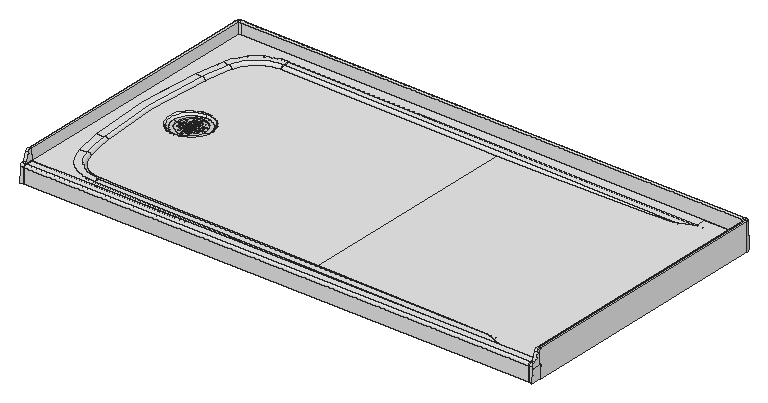
Revit family "Shower-Base-KOHLER-Ballast-K-1937", category Plumbing Fixtures, host Face, Revit 2015
Parameters (values of type "0-White")
  Width = 32"  # constant formula
  Waste Water Outlet = "Waste Water Outlet"  # constant formula
  Waste Connection = 1 = 1  # yes
  Vent Connection = 1 = 0  # no
  URL = "https://www.us.kohler.com/us/"
  Product Page URL = "http://www.us.kohler.com/us/catalog/productDetails.jsp?productNumber=1937"
  Product Name = "Ballast"  # constant formula
  Product Documentation Link = "http://www.us.kohler.com/onlinecatalog/pdf/K-1937_spec.pdf"
  Model = "K-1937-0"  # constant formula
  Material = "Resin Concrete Core With Acrylic Surface"  # constant formula
  MasterFormat 2004 = "22.41.23"  # constant formula
  MasterFormat 1995 = "15410"  # constant formula
  Manufacturer Address = "444 Highland Dr, Kohler, WI 53044"  # constant formula
  Manufacturer = "KOHLER Co."  # constant formula
  Length = 60"  # constant formula
  Hot Water Inlet = "Hot Water Inlet"  # constant formula
  Height = 1 15/16"  # constant formula
  HW Connection = 1 = 0  # no
  Finish = Kohler-Acrylic-0-White
  Environmental Product Declaration = ""
  Drain Included = 1 = 0  # no
  Description = "60 inch x 32 inch shower base with left-hand drain"  # constant formula
  Default Elevation = 0"
  Declare Label = ""
  Date Modified = "01/21/2019"  # constant formula
  Date Created = "01/21/2019"  # constant formula
  Copyright = "Copyright KOHLER Co."  # constant formula
  Contact Us = "https://www.us.kohler.com/us/static/contact.jsp"
  Cold Water Inlet = "Cold Water Inlet"  # constant formula
  CW Connection = 1 = 0  # no
  Assembly Code = "D2010700"
  ADA Compliant = 1 = 0  # no
Reference planes (in)
  plane 1 "Center (Front/Back)": y = 0
  plane 2: z = 0
  plane 3 "Center (Left/Right)": x = 0
  plane 4: y = 16
  plane 5: x = -30
  plane 6: x = 30
  plane 7: y = -16
  plane 8: z = 3.1875
  plane 9: z = 1.9375
  plane 10: x = -22.75
Dimensions and locks (in)
  "Length": plane 5 to plane 6
  "Width": plane 7 to plane 4
  "Height": plane 9 to plane 2
  locked: plane 8 to plane 2 at 3.1875
  plane 5 to plane 10 = 7 1/4"
  aligned and locked: plane 2 to host face
  aligned and locked: level to host face
Automatic sketch dimensions
  host sketch curve to host sketch curve = 96"  (x2)
Nested families (in)
  nested 1: "K-1937" at (0, 0, 0) x (-1, 0, 0) z (0, 0, 1), type "K-1937"
Connectors (in)
  piping at (-22.75, 0, 0), diameter 2, driven by "Waste Connection", driven by "Waste Water Outlet"
    settings: on nested 1, index 1, connector inside diameter 24", connector length 0", flow factor 0, pipe flow 0 GPM, pressure drop 0.00 psi, fitting loss kfactor 0, connector angle 0.00°, fixture units 0, engagement length 0", angle of deflection 0.00°, flow configuration 0, flow direction 2, fitting loss method 0, system type 16, joint type 0, gender type 0, connector reference index -1, connector utility 1, adjustable connector no, is connector primary yes, connector description "Waste Water Outlet"
Definition of nested family "K-1937"
  Parameters (values of type "K-1937")
    Material = none
  Reference planes (in)
    plane 1 "Center (Front/Back)": y = 0
    plane 2: z = 0
    plane 3 "Center (Left/Right)": x = 0
    plane 4: z = 1.9375
    plane 5: z = 3.1875
    plane 6: x = 30
    plane 7: y = 16
    plane 8: y = -16
    plane 9: x = -30
    plane 10: x = 22.75
    plane 11: y = -13.6875
    plane 12 "A": through (22.73465, -180, 1.9303) normal (0.0082, 0, -1)
  Forms (in)
    Sweep 1, solid, material <- "Material", detail levels medium+fine
      path origin (0, 0, 0) x (1, 0, 0) y (0, 1, 0)
        loop
          line (-29.50723, -14.81657) -> (-29.47521, 15.45483)
          arc (-29.47521, 15.45483) -> (-29.46923, 15.46922) -> (-29.45484, 15.47518) r 0.02036
          line (-29.45484, 15.47518) -> (29.45507, 15.47518)
          arc (29.45507, 15.47518) -> (29.4693, 15.46929) -> (29.47521, 15.45506) r 0.02014
          line (29.47521, 15.45506) -> (29.50723, -14.81657)
      profile origin (-29.49122, 0.31913, 0) x (-0.999999, 0.001058, 0) y (0, 0, 1)
        loop
          arc (0.26332, 3.2185) -> (0.19579, 3.19139) -> (0.16576, 3.12512) r 0.09766
          line (0.16576, 3.12512) -> (0.02905, 0) -> (0.50884, 0) -> (0.4271, 3.12225)
          arc (0.4271, 3.12225) -> (0.39727, 3.19046) -> (0.3283, 3.2185) r 0.09884
          line (0.3283, 3.2185) -> (0.26332, 3.2185)
    Extrusion 2, void, detail levels medium+fine
      sketch origin (-0.01172, 0, 0.01562) x (1, 0, 0) y (0, 0, 1)
        loop
          line (-30.22519, -0.04744) -> (-30.00104, -0.04744) -> (-29.91826, 3.11395)
          arc (-29.91826, 3.11395) -> (-29.88821, 3.18264) -> (-29.81874, 3.21086) r 0.09951
          line (-29.81874, 3.21086) -> (-30.22519, 3.21104) -> (-30.22519, -0.04744)
      from 14.81599 to 16.08076
    Sweep 3, solid, material <- "Material", detail levels medium+fine
      path origin (0, 0, 0) x (1, 0, 0) y (0, 1, 0)
        loop
          line (29.5711, -15.95491) -> (-29.5711, -15.95485)
      profile origin (0, -15.95488, 0) x (-0.000001, -1, 0) y (0, 0, 1)
        loop
          line (0.04508, 0) -> (-0.00006, 1.72392)
          arc (-0.00006, 1.72392) -> (-0.07553, 1.89645) -> (-0.24998, 1.96737) r 0.25
          line (-0.24998, 1.96737) -> (-1.13838, 1.96737) -> (-1.13838, 0) -> (0.04508, 0)
    Revolve 4, solid, material <- "Material", detail levels medium+fine
      sketch origin (0, 0, 0) x (1, 0, 0) y (0, 0, 1)
        loop
          line (21.01531, 0) -> (22.75, 0) -> (22.75, 1.25692) -> (20.011, 1.25692)
          arc (20.011, 1.25692) -> (20.18766, 1.22178) -> (20.33743, 1.12171) r 0.46164
          line (20.33743, 1.12171) -> (20.62154, 0.8376) -> (21.01531, 0.8376) -> (21.01531, 0)
        axis (22.75, 1.25692) -> (22.75, 0)
      angle from 0 to 360
    Sweep 5, solid, material <- "Material", detail levels medium+fine
      path origin (0, 0, 0) x (1, 0, 0) y (0, 1, 0)
        loop
          line (-29.56989, -14.81651) -> (-29.97393, -14.81608)
      profile origin (-29.77191, -14.81629, 0) x (-0.001058, -0.999999, 0) y (0, 0, 1)
        loop
          line (0, 3.2185) -> (0, 0) -> (1.18354, 0) -> (1.13828, 1.7265)
          arc (1.13828, 1.7265) -> (1.06361, 1.8972) -> (0.89101, 1.96737) r 0.24735
          line (0.89101, 1.96737) -> (0.83512, 1.96737)
          arc (0.83512, 1.96737) -> (0.75007, 1.99419) -> (0.69578, 2.06494) r 0.14828
          line (0.69578, 2.06494) -> (0.37, 2.96009)
          arc (0.37, 2.96009) -> (0.22622, 3.14748) -> (0, 3.2185) r 0.39272
    Extrusion 6, void, detail levels medium+fine
      sketch origin (0, 0, 0) x (1, 0, 0) y (0, 0, 1)
        loop
          line (-29.77331, 3.27872) -> (-29.77331, 3.2276)
          arc (-29.77331, 3.2276) -> (-29.70361, 3.19617) -> (-29.67303, 3.12609) r 0.10632
          line (-29.67303, 3.12609) -> (-29.62234, 1.96737) -> (-29.33125, 1.96737) -> (-29.33125, 3.27872) -> (-29.77331, 3.27872)
      from 14.73194 to 16.05581
    Sweep 7, solid, material <- "Material", detail levels medium+fine
      path origin (0, 0, 0) x (-1, 0, 0) y (0, 1, 0)
        loop
          line (-29.56989, -14.81651) -> (-29.97393, -14.81608)
      profile origin (29.77191, -14.81629, 0) x (-0.001058, 0.999999, 0) y (0, 0, 1)
        loop
          arc (0, 3.2185) -> (-0.22622, 3.14748) -> (-0.37, 2.96009) r 0.39272
          line (-0.37, 2.96009) -> (-0.69578, 2.06494)
          arc (-0.69578, 2.06494) -> (-0.75007, 1.99419) -> (-0.83512, 1.96737) r 0.14828
          line (-0.83512, 1.96737) -> (-0.89101, 1.96737)
          arc (-0.89101, 1.96737) -> (-1.06361, 1.8972) -> (-1.13828, 1.7265) r 0.24735
          line (-1.13828, 1.7265) -> (-1.18354, 0) -> (0, 0) -> (0, 3.2185)
    Extrusion 8, void, detail levels medium+fine
      sketch origin (0, 0, 0) x (-1, 0, 0) y (0, 0, -1)
        loop
          line (-29.75788, -3.22929) -> (-29.44594, -3.22929) -> (-29.44594, -1.96737) -> (-29.62234, -1.96737) -> (-29.67299, -3.12512)
          arc (-29.67299, -3.12512) -> (-29.69817, -3.19127) -> (-29.75788, -3.22929) r 0.1125
      from 14.73194 to 16.05581
    Revolve 9, void, detail levels medium+fine
      sketch origin (22.75, 0, 0) x (0, 1, 0) y (0, 0, 1)
        loop
          line (0, 1.7088) -> (-2.73408, 1.7088)
          arc (-2.73408, 1.7088) -> (-2.54015, 1.67023) -> (-2.37574, 1.56037) r 0.50677
          line (-2.37574, 1.56037) -> (-2.15173, 1.33636)
          arc (-2.15173, 1.33636) -> (-2.08878, 1.2943) -> (-2.01452, 1.27953) r 0.19405
          line (-2.01452, 1.27953) -> (0, 1.27953) -> (0, 1.7088)
        axis (0, 1.7088) -> (0, 1.27953)
      angle from 0 to 360
    Extrusion 10, void, detail levels medium+fine
      sketch origin (22.71654, 0, 0) x (1, 0, 0) y (0, 1, 0)
        loop
          circle (0, 0) r 1.67829
      from 1.34848 to 2.17287
    Extrusion 11, void
      sketch origin (0, 0, 0) x (1, 0, 0) y (0, 1, 0)
        loop
          arc (22.06654, 1.19973) -> (22.03118, 1.18508) -> (22.01654, 1.14973) r 0.05
          line (22.01654, 1.14973) -> (22.01654, 0.84348)
          arc (22.01654, 0.84348) -> (22.03118, 0.80812) -> (22.06654, 0.79348) r 0.05
          line (22.06654, 0.79348) -> (22.37279, 0.79348)
          arc (22.37279, 0.79348) -> (22.40814, 0.80812) -> (22.42279, 0.84348) r 0.05
          line (22.42279, 0.84348) -> (22.42279, 1.14973)
          arc (22.42279, 1.14973) -> (22.40814, 1.18508) -> (22.37279, 1.19973) r 0.05
          line (22.37279, 1.19973) -> (22.06654, 1.19973)
        loop
          arc (22.56654, 0.69973) -> (22.53118, 0.68508) -> (22.51654, 0.64973) r 0.05
          line (22.51654, 0.64973) -> (22.51654, 0.34373)
          arc (22.51654, 0.34373) -> (22.53118, 0.30837) -> (22.56654, 0.29373) r 0.05
          line (22.56654, 0.29373) -> (22.86654, 0.29373)
          arc (22.86654, 0.29373) -> (22.90189, 0.30837) -> (22.91654, 0.34373) r 0.05
          line (22.91654, 0.34373) -> (22.91654, 0.64973)
          arc (22.91654, 0.64973) -> (22.90189, 0.68508) -> (22.86654, 0.69973) r 0.05
          line (22.86654, 0.69973) -> (22.56654, 0.69973)
        loop
          arc (22.06654, 0.69973) -> (22.03118, 0.68508) -> (22.01654, 0.64973) r 0.05
          line (22.01654, 0.64973) -> (22.01654, 0.34373)
          arc (22.01654, 0.34373) -> (22.03118, 0.30837) -> (22.06654, 0.29373) r 0.05
          line (22.06654, 0.29373) -> (22.37254, 0.29373)
          arc (22.37254, 0.29373) -> (22.40789, 0.30837) -> (22.42254, 0.34373) r 0.05
          line (22.42254, 0.34373) -> (22.42254, 0.64973)
          arc (22.42254, 0.64973) -> (22.40789, 0.68508) -> (22.37254, 0.69973) r 0.05
          line (22.37254, 0.69973) -> (22.06654, 0.69973)
        loop
          arc (21.56679, 0.69973) -> (21.53143, 0.68508) -> (21.51679, 0.64973) r 0.05
          line (21.51679, 0.64973) -> (21.51679, 0.34373)
          arc (21.51679, 0.34373) -> (21.53143, 0.30837) -> (21.56679, 0.29373) r 0.05
          line (21.56679, 0.29373) -> (21.87279, 0.29373)
          arc (21.87279, 0.29373) -> (21.90814, 0.30837) -> (21.92279, 0.34373) r 0.05
          line (21.92279, 0.34373) -> (21.92279, 0.64973)
          arc (21.92279, 0.64973) -> (21.90814, 0.68508) -> (21.87279, 0.69973) r 0.05
          line (21.87279, 0.69973) -> (21.56679, 0.69973)
        loop
          arc (21.54779, 0.19998) -> (21.52569, 0.19082) -> (21.51654, 0.16873) r 0.03125
          line (21.51654, 0.16873) -> (21.51654, 0.12498) -> (21.26654, 0.12498) -> (21.26654, -0.12502) -> (21.51654, -0.12502) -> (21.51654, -0.16877)
          arc (21.51654, -0.16877) -> (21.52569, -0.19087) -> (21.54779, -0.20002) r 0.03125
          line (21.54779, -0.20002) -> (21.87654, -0.20002)
          arc (21.87654, -0.20002) -> (21.91189, -0.18538) -> (21.92654, -0.15002) r 0.05
          line (21.92654, -0.15002) -> (21.92654, 0.14998)
          arc (21.92654, 0.14998) -> (21.91189, 0.18533) -> (21.87654, 0.19998) r 0.05
          line (21.87654, 0.19998) -> (21.54779, 0.19998)
        loop
          arc (22.06654, 0.19998) -> (22.03118, 0.18533) -> (22.01654, 0.14998) r 0.05
          line (22.01654, 0.14998) -> (22.01654, -0.15002)
          arc (22.01654, -0.15002) -> (22.03118, -0.18538) -> (22.06654, -0.20002) r 0.05
          line (22.06654, -0.20002) -> (22.37279, -0.20002)
          arc (22.37279, -0.20002) -> (22.40814, -0.18538) -> (22.42279, -0.15002) r 0.05
          line (22.42279, -0.15002) -> (22.42279, 0.14998)
          arc (22.42279, 0.14998) -> (22.40814, 0.18533) -> (22.37279, 0.19998) r 0.05
          line (22.37279, 0.19998) -> (22.06654, 0.19998)
        loop
          arc (22.56654, 0.19998) -> (22.53118, 0.18533) -> (22.51654, 0.14998) r 0.05
          line (22.51654, 0.14998) -> (22.51654, -0.15002)
          arc (22.51654, -0.15002) -> (22.53118, -0.18538) -> (22.56654, -0.20002) r 0.05
          line (22.56654, -0.20002) -> (22.86654, -0.20002)
          arc (22.86654, -0.20002) -> (22.90189, -0.18538) -> (22.91654, -0.15002) r 0.05
          line (22.91654, -0.15002) -> (22.91654, 0.14998)
          arc (22.91654, 0.14998) -> (22.90189, 0.18533) -> (22.86654, 0.19998) r 0.05
          line (22.86654, 0.19998) -> (22.56654, 0.19998)
        loop
          arc (23.06029, 0.19998) -> (23.02493, 0.18533) -> (23.01029, 0.14998) r 0.05
          line (23.01029, 0.14998) -> (23.01029, -0.15002)
          arc (23.01029, -0.15002) -> (23.02493, -0.18538) -> (23.06029, -0.20002) r 0.05
          line (23.06029, -0.20002) -> (23.36654, -0.20002)
          arc (23.36654, -0.20002) -> (23.40189, -0.18538) -> (23.41654, -0.15002) r 0.05
          line (23.41654, -0.15002) -> (23.41654, 0.14998)
          arc (23.41654, 0.14998) -> (23.40189, 0.18533) -> (23.36654, 0.19998) r 0.05
          line (23.36654, 0.19998) -> (23.06029, 0.19998)
        loop
          arc (23.06054, 0.69973) -> (23.02518, 0.68508) -> (23.01054, 0.64973) r 0.05
          line (23.01054, 0.64973) -> (23.01054, 0.34373)
          arc (23.01054, 0.34373) -> (23.02518, 0.30837) -> (23.06054, 0.29373) r 0.05
          line (23.06054, 0.29373) -> (23.36654, 0.29373)
          arc (23.36654, 0.29373) -> (23.40189, 0.30837) -> (23.41654, 0.34373) r 0.05
          line (23.41654, 0.34373) -> (23.41654, 0.64973)
          arc (23.41654, 0.64973) -> (23.40189, 0.68508) -> (23.36654, 0.69973) r 0.05
          line (23.36654, 0.69973) -> (23.06054, 0.69973)
        loop
          arc (23.56029, 0.69973) -> (23.52493, 0.68508) -> (23.51029, 0.64973) r 0.05
          line (23.51029, 0.64973) -> (23.51029, 0.34373)
          arc (23.51029, 0.34373) -> (23.52493, 0.30837) -> (23.56029, 0.29373) r 0.05
          line (23.56029, 0.29373) -> (23.86629, 0.29373)
          arc (23.86629, 0.29373) -> (23.90164, 0.30837) -> (23.91629, 0.34373) r 0.05
          line (23.91629, 0.34373) -> (23.91629, 0.64973)
          arc (23.91629, 0.64973) -> (23.90164, 0.68508) -> (23.86629, 0.69973) r 0.05
          line (23.86629, 0.69973) -> (23.56029, 0.69973)
        loop
          arc (23.06029, 1.19973) -> (23.02493, 1.18508) -> (23.01029, 1.14973) r 0.05
          line (23.01029, 1.14973) -> (23.01029, 0.84348)
          arc (23.01029, 0.84348) -> (23.02493, 0.80812) -> (23.06029, 0.79348) r 0.05
          line (23.06029, 0.79348) -> (23.36654, 0.79348)
          arc (23.36654, 0.79348) -> (23.40189, 0.80812) -> (23.41654, 0.84348) r 0.05
          line (23.41654, 0.84348) -> (23.41654, 1.14973)
          arc (23.41654, 1.14973) -> (23.40189, 1.18508) -> (23.36654, 1.19973) r 0.05
          line (23.36654, 1.19973) -> (23.06029, 1.19973)
        loop
          arc (23.56029, -0.29377) -> (23.52493, -0.30842) -> (23.51029, -0.34377) r 0.05
          line (23.51029, -0.34377) -> (23.51029, -0.64977)
          arc (23.51029, -0.64977) -> (23.52493, -0.68513) -> (23.56029, -0.69977) r 0.05
          line (23.56029, -0.69977) -> (23.86629, -0.69977)
          arc (23.86629, -0.69977) -> (23.90164, -0.68513) -> (23.91629, -0.64977) r 0.05
          line (23.91629, -0.64977) -> (23.91629, -0.34377)
          arc (23.91629, -0.34377) -> (23.90164, -0.30842) -> (23.86629, -0.29377) r 0.05
          line (23.86629, -0.29377) -> (23.56029, -0.29377)
        loop
          arc (23.06054, -0.29377) -> (23.02518, -0.30842) -> (23.01054, -0.34377) r 0.05
          line (23.01054, -0.34377) -> (23.01054, -0.64977)
          arc (23.01054, -0.64977) -> (23.02518, -0.68513) -> (23.06054, -0.69977) r 0.05
          line (23.06054, -0.69977) -> (23.36654, -0.69977)
          arc (23.36654, -0.69977) -> (23.40189, -0.68513) -> (23.41654, -0.64977) r 0.05
          line (23.41654, -0.64977) -> (23.41654, -0.34377)
          arc (23.41654, -0.34377) -> (23.40189, -0.30842) -> (23.36654, -0.29377) r 0.05
          line (23.36654, -0.29377) -> (23.06054, -0.29377)
        loop
          arc (22.56654, -0.29377) -> (22.53118, -0.30842) -> (22.51654, -0.34377) r 0.05
          line (22.51654, -0.34377) -> (22.51654, -0.64977)
          arc (22.51654, -0.64977) -> (22.53118, -0.68513) -> (22.56654, -0.69977) r 0.05
          line (22.56654, -0.69977) -> (22.86654, -0.69977)
          arc (22.86654, -0.69977) -> (22.90189, -0.68513) -> (22.91654, -0.64977) r 0.05
          line (22.91654, -0.64977) -> (22.91654, -0.34377)
          arc (22.91654, -0.34377) -> (22.90189, -0.30842) -> (22.86654, -0.29377) r 0.05
          line (22.86654, -0.29377) -> (22.56654, -0.29377)
        loop
          arc (22.06654, -0.29377) -> (22.03118, -0.30842) -> (22.01654, -0.34377) r 0.05
          line (22.01654, -0.34377) -> (22.01654, -0.64977)
          arc (22.01654, -0.64977) -> (22.03118, -0.68513) -> (22.06654, -0.69977) r 0.05
          line (22.06654, -0.69977) -> (22.37254, -0.69977)
          arc (22.37254, -0.69977) -> (22.40789, -0.68513) -> (22.42254, -0.64977) r 0.05
          line (22.42254, -0.64977) -> (22.42254, -0.34377)
          arc (22.42254, -0.34377) -> (22.40789, -0.30842) -> (22.37254, -0.29377) r 0.05
          line (22.37254, -0.29377) -> (22.06654, -0.29377)
        loop
          arc (23.06029, -0.79352) -> (23.02493, -0.80817) -> (23.01029, -0.84352) r 0.05
          line (23.01029, -0.84352) -> (23.01029, -1.14977)
          arc (23.01029, -1.14977) -> (23.02493, -1.18513) -> (23.06029, -1.19977) r 0.05
          line (23.06029, -1.19977) -> (23.36654, -1.19977)
          arc (23.36654, -1.19977) -> (23.40189, -1.18513) -> (23.41654, -1.14977) r 0.05
          line (23.41654, -1.14977) -> (23.41654, -0.84352)
          arc (23.41654, -0.84352) -> (23.40189, -0.80817) -> (23.36654, -0.79352) r 0.05
          line (23.36654, -0.79352) -> (23.06029, -0.79352)
        loop
          arc (22.06654, -0.79352) -> (22.03118, -0.80817) -> (22.01654, -0.84352) r 0.05
          line (22.01654, -0.84352) -> (22.01654, -1.14977)
          arc (22.01654, -1.14977) -> (22.03118, -1.18513) -> (22.06654, -1.19977) r 0.05
          line (22.06654, -1.19977) -> (22.37279, -1.19977)
          arc (22.37279, -1.19977) -> (22.40814, -1.18513) -> (22.42279, -1.14977) r 0.05
          line (22.42279, -1.14977) -> (22.42279, -0.84352)
          arc (22.42279, -0.84352) -> (22.40814, -0.80817) -> (22.37279, -0.79352) r 0.05
          line (22.37279, -0.79352) -> (22.06654, -0.79352)
        loop
          arc (21.56679, -0.29377) -> (21.53143, -0.30842) -> (21.51679, -0.34377) r 0.05
          line (21.51679, -0.34377) -> (21.51679, -0.64977)
          arc (21.51679, -0.64977) -> (21.53143, -0.68513) -> (21.56679, -0.69977) r 0.05
          line (21.56679, -0.69977) -> (21.87279, -0.69977)
          arc (21.87279, -0.69977) -> (21.90814, -0.68513) -> (21.92279, -0.64977) r 0.05
          line (21.92279, -0.64977) -> (21.92279, -0.34377)
          arc (21.92279, -0.34377) -> (21.90814, -0.30842) -> (21.87279, -0.29377) r 0.05
          line (21.87279, -0.29377) -> (21.56679, -0.29377)
        loop
          arc (22.51654, -1.16852) -> (22.52569, -1.19062) -> (22.54779, -1.19977) r 0.03125
          line (22.54779, -1.19977) -> (22.58654, -1.19977) -> (22.58654, -1.47152) -> (22.84654, -1.47152) -> (22.84654, -1.19977) -> (22.88529, -1.19977)
          arc (22.88529, -1.19977) -> (22.90738, -1.19062) -> (22.91654, -1.16852) r 0.03125
          line (22.91654, -1.16852) -> (22.91654, -0.83977)
          arc (22.91654, -0.83977) -> (22.90189, -0.80442) -> (22.86654, -0.78977) r 0.05
          line (22.86654, -0.78977) -> (22.56654, -0.78977)
          arc (22.56654, -0.78977) -> (22.53118, -0.80442) -> (22.51654, -0.83977) r 0.05
          line (22.51654, -0.83977) -> (22.51654, -1.16852)
        loop
          arc (23.88529, -0.20002) -> (23.90738, -0.19087) -> (23.91654, -0.16877) r 0.03125
          line (23.91654, -0.16877) -> (23.91654, -0.12502) -> (24.16654, -0.12502) -> (24.16654, 0.12498) -> (23.91654, 0.12498) -> (23.91654, 0.16873)
          arc (23.91654, 0.16873) -> (23.90738, 0.19082) -> (23.88529, 0.19998) r 0.03125
          line (23.88529, 0.19998) -> (23.55654, 0.19998)
          arc (23.55654, 0.19998) -> (23.52118, 0.18533) -> (23.50654, 0.14998) r 0.05
          line (23.50654, 0.14998) -> (23.50654, -0.15002)
          arc (23.50654, -0.15002) -> (23.52118, -0.18538) -> (23.55654, -0.20002) r 0.05
          line (23.55654, -0.20002) -> (23.88529, -0.20002)
        loop
          arc (22.91654, 1.16753) -> (22.90711, 1.1903) -> (22.88434, 1.19973) r 0.0322
          line (22.88434, 1.19973) -> (22.84654, 1.19973) -> (22.84654, 1.44973) -> (22.58654, 1.44973) -> (22.58654, 1.19973) -> (22.54779, 1.19973)
          arc (22.54779, 1.19973) -> (22.52569, 1.19057) -> (22.51654, 1.16848) r 0.03125
          line (22.51654, 1.16848) -> (22.51654, 0.83973)
          arc (22.51654, 0.83973) -> (22.53118, 0.80437) -> (22.56654, 0.78973) r 0.05
          line (22.56654, 0.78973) -> (22.86654, 0.78973)
          arc (22.86654, 0.78973) -> (22.90189, 0.80437) -> (22.91654, 0.83973) r 0.05
          line (22.91654, 0.83973) -> (22.91654, 1.16753)
      from 0.72424 to 2.10742
    Sweep 12, solid, material <- "Material", detail levels medium+fine
      path origin (0.01813, 0, -0.3488) x (0.999966, 0, 0.00825) y (0, 1, 0)
        loop
          line (22.74441, 14.32248) -> (-29.57845, 14.32248)
      profile origin (-3.39877, 14.32248, -0.37699) x (0, -1, 0) y (-0.00825, 0, 0.999966)
        loop
          line (0.79761, 2.0657) -> (0, 2.09161) -> (0, 1.39733) -> (1.16421, 1.39733) -> (1.16421, 1.68699)
          arc (1.16421, 1.68699) -> (1.05753, 1.95052) -> (0.79761, 2.0657) r 0.37893
    Sweep 13, solid, material <- "Material", detail levels medium+fine
      path origin (0.01813, 0, -0.3488) x (0.999966, 0, 0.00825) y (0, 1, 0)
        loop
          line (-29.57845, -14.32248) -> (22.73455, -14.32248)
      profile origin (-3.4037, -14.32248, -0.37703) x (0, 1, 0) y (-0.00825, 0, 0.999966)
        loop
          line (0.79761, 2.06569) -> (0, 2.09161) -> (0, 1.39733) -> (1.16421, 1.39733) -> (1.1642, 1.68699)
          arc (1.1642, 1.68699) -> (1.05753, 1.95052) -> (0.79761, 2.06569) r 0.37893
    Sweep 14, solid, material <- "Material", detail levels medium+fine
      path origin (0.03572, 0, -0.49632) x (0.999966, 0, 0.00825) y (0, 1, 0)
        loop
          spline (22.72805, 14.32248) -> (23.26933, 14.29153) -> (23.80357, 14.1991) -> (24.32379, 14.04639) -> (24.82322, 13.83539) -> (25.29535, 13.56885) -> (25.73403, 13.25024) -> (26.13355, 12.88371) -> (26.4887, 12.47403) -> (26.79485, 12.02656) -> (27.04801, 11.54711) -> (27.24488, 11.04193) -> (27.38291, 10.5176)
          spline (27.38291, 10.5176) -> (27.43728, 10.24615) -> (27.49023, 9.97441) -> (27.54176, 9.70241) -> (27.59187, 9.43013) -> (27.64054, 9.1576) -> (27.6878, 8.88482) -> (27.73362, 8.61179) -> (27.77801, 8.33853) -> (27.82097, 8.06504) -> (27.8625, 7.79132) -> (27.9026, 7.5174) -> (27.94127, 7.24327)
          spline (27.94127, 7.24327) -> (28.09364, 6.04076) -> (28.21841, 4.83508) -> (28.31553, 3.62685) -> (28.38493, 2.41672) -> (28.42659, 1.20531) -> (28.44048, -0.00673) -> (28.42659, -1.21878) -> (28.38493, -2.43018) -> (28.31553, -3.64032) -> (28.21841, -4.84854) -> (28.09364, -6.05423) -> (27.94127, -7.25673)
          spline (27.94127, -7.25673) -> (27.9022, -7.53303) -> (27.86151, -7.80908) -> (27.8192, -8.0849) -> (27.77525, -8.36046) -> (27.72969, -8.63575) -> (27.6825, -8.91077) -> (27.63369, -9.18551) -> (27.58326, -9.45996) -> (27.53121, -9.7341) -> (27.47755, -10.00793) -> (27.42227, -10.28144) -> (27.36538, -10.55462)
          spline (27.36538, -10.55462) -> (27.22418, -11.07484) -> (27.02496, -11.57572) -> (26.77026, -12.05079) -> (26.46339, -12.49395) -> (26.10828, -12.89948) -> (25.70951, -13.26217) -> (25.27222, -13.57734) -> (24.80204, -13.84094) -> (24.30502, -14.04956) -> (23.78757, -14.20053) -> (23.25634, -14.29189) -> (22.71818, -14.32248)
      profile origin (28.47523, -0.00673, -0.26169) x (0.999966, 0, 0.00825) y (-0.00825, 0, 0.999966)
        loop
          line (-1.16421, 1.83465) -> (-1.16421, 1.54499) -> (0, 1.54499) -> (0, 2.23928) -> (-0.79761, 2.21336)
          arc (-0.79761, 2.21336) -> (-1.05754, 2.09819) -> (-1.16421, 1.83465) r 0.37891
    Blend 15, solid, material <- "Material", detail levels medium+fine
      base sketch origin (-0.01438, 0, 1.74262) x (0.999966, 0, 0.00825) y (0, -1, 0)
        loop
          spline (27.97289, -7.24327) -> (28.12524, -6.04076) -> (28.24999, -4.83507) -> (28.3471, -3.62684) -> (28.41651, -2.41671) -> (28.45819, -1.20531) -> (28.4721, 0.00673) -> (28.45819, 1.21877) -> (28.41651, 2.43018) -> (28.3471, 3.64031) -> (28.24999, 4.84854) -> (28.12524, 6.05422) -> (27.97289, 7.25673)
          spline (27.97289, 7.25673) -> (27.93382, 7.53303) -> (27.89313, 7.80908) -> (27.85082, 8.0849) -> (27.80687, 8.36046) -> (27.7613, 8.63575) -> (27.71411, 8.91077) -> (27.6653, 9.18551) -> (27.61487, 9.45995) -> (27.56283, 9.7341) -> (27.50916, 10.00793) -> (27.45389, 10.28144) -> (27.397, 10.55462)
          spline (27.397, 10.55462) -> (27.25567, 11.0748) -> (27.05644, 11.57569) -> (26.80188, 12.05079) -> (26.49491, 12.49385) -> (26.1398, 12.8994) -> (25.74113, 13.26217) -> (25.30378, 13.57722) -> (24.83358, 13.84082) -> (24.33664, 14.04956) -> (23.81919, 14.20039) -> (23.28795, 14.29176) -> (22.7498, 14.32248)
          line (22.7498, 14.32248) -> (-29.53444, 14.32248) -> (-29.53444, -14.32248) -> (22.75967, -14.32248)
          spline (22.75967, -14.32248) -> (23.30094, -14.2914) -> (23.83519, -14.19897) -> (24.35541, -14.04639) -> (24.85476, -13.83528) -> (25.32691, -13.56873) -> (25.76565, -13.25024) -> (26.16506, -12.88362) -> (26.52022, -12.47393) -> (26.82647, -12.02656) -> (27.07949, -11.54708) -> (27.27637, -11.04189) -> (27.41453, -10.5176)
          spline (27.41453, -10.5176) -> (27.4689, -10.24615) -> (27.52185, -9.97441) -> (27.57338, -9.70241) -> (27.62348, -9.43013) -> (27.67216, -9.1576) -> (27.71941, -8.88482) -> (27.76524, -8.61179) -> (27.80963, -8.33853) -> (27.85259, -8.06504) -> (27.89412, -7.79132) -> (27.93422, -7.5174) -> (27.97289, -7.24327)
      top sketch origin (-0.01438, 0, 1.74262) x (0.999966, 0, 0.00825) y (0, -1, 0)
        loop
          line (29.55007, -15.51204) -> (29.58222, 14.87903) -> (-29.56659, 14.87897) -> (-29.53444, -15.51204) -> (29.55007, -15.51204)
      from 0.69429 to 0
    Extrusion 16, void, detail levels medium+fine
      sketch origin (-0.01438, 0, 1.74262) x (0.999966, 0, 0.00825) y (0, -1, 0)
        loop
          spline (27.97289, -7.24327) -> (28.12524, -6.04076) -> (28.24999, -4.83507) -> (28.3471, -3.62684) -> (28.41651, -2.41671) -> (28.45819, -1.20531) -> (28.4721, 0.00673) -> (28.45819, 1.21877) -> (28.41651, 2.43018) -> (28.3471, 3.64031) -> (28.24999, 4.84854) -> (28.12524, 6.05422) -> (27.97289, 7.25673)
          spline (27.97289, 7.25673) -> (27.93382, 7.53303) -> (27.89313, 7.80908) -> (27.85082, 8.0849) -> (27.80687, 8.36046) -> (27.7613, 8.63575) -> (27.71411, 8.91077) -> (27.6653, 9.18551) -> (27.61487, 9.45995) -> (27.56283, 9.7341) -> (27.50916, 10.00793) -> (27.45389, 10.28144) -> (27.397, 10.55462)
          spline (27.397, 10.55462) -> (27.25567, 11.0748) -> (27.05644, 11.57569) -> (26.80188, 12.05079) -> (26.49491, 12.49385) -> (26.1398, 12.8994) -> (25.74113, 13.26217) -> (25.30378, 13.57722) -> (24.83358, 13.84082) -> (24.33664, 14.04956) -> (23.81919, 14.20039) -> (23.28795, 14.29176) -> (22.7498, 14.32248)
          line (22.7498, 14.32248) -> (-29.45714, 14.32248) -> (-29.45714, -14.32248) -> (22.75967, -14.32248)
          spline (22.75967, -14.32248) -> (23.30094, -14.2914) -> (23.83519, -14.19897) -> (24.35541, -14.04639) -> (24.85476, -13.83528) -> (25.32691, -13.56873) -> (25.76565, -13.25024) -> (26.16506, -12.88362) -> (26.52022, -12.47393) -> (26.82647, -12.02656) -> (27.07949, -11.54708) -> (27.27637, -11.04189) -> (27.41453, -10.5176)
          spline (27.41453, -10.5176) -> (27.4689, -10.24615) -> (27.52185, -9.97441) -> (27.57338, -9.70241) -> (27.62348, -9.43013) -> (27.67216, -9.1576) -> (27.71941, -8.88482) -> (27.76524, -8.61179) -> (27.80963, -8.33853) -> (27.85259, -8.06504) -> (27.89412, -7.79132) -> (27.93422, -7.5174) -> (27.97289, -7.24327)
      from -2.3988 to 0.29231
    Extrusion 17, solid, material <- "Material", detail levels medium+fine
      sketch origin (0, 0, 0) x (1, 0, 0) y (0, 0, 1)
        loop
          line (-29.57084, 1.55983) -> (-29.57084, 0.80446) -> (28.4069, 1.28278) -> (-29.57084, 1.55983)
      from -15.50423 to 14.8165
    Extrusion 18, void, detail levels medium+fine
      sketch origin (0.00928, 0, 0.01562) x (-1, 0, 0) y (0, 0, -1)
        loop
          line (-30.22519, 0.04744) -> (-30.22519, -3.33041) -> (-29.82481, -3.33023) -> (-29.82481, -3.20999)
          arc (-29.82481, -3.20999) -> (-29.89386, -3.17361) -> (-29.92276, -3.10112) r 0.1128
          line (-29.92276, -3.10112) -> (-30.00518, 0.04744) -> (-30.22519, 0.04744)
      from 14.81599 to 16.08076
    Revolve 19, solid, detail levels medium+fine
      sketch origin (0, 0, -0.00977) x (1, 0, 0) y (0, 0, 1)
        loop
          line (20.62103, 1.39045) -> (20.62103, 1.34393) -> (21.20404, 1.26535) -> (21.20404, 0.72424) -> (22.71654, 0.72424) -> (22.71654, 1.39045) -> (20.62103, 1.39045)
        axis (22.71654, 1.39045) -> (22.71654, 0.72424)
      angle from 0 to 360
    Extrusion 20, solid, material <- "Material", detail levels coarse
      sketch origin (0, 0, 0) x (1, 0, 0) y (0, 1, 0)
        loop
          line (-29.98348, 15.98401) -> (-30.01732, -15.99992) -> (30.01732, -15.99999) -> (29.98348, 15.98401) -> (-29.98348, 15.98401)
        loop
          line (29.53469, 15.50423) -> (-29.57106, 15.50423) -> (-29.5711, -14.81647) -> (29.56677, -14.81653) -> (29.53469, 15.50423)
      from 0 to 3.2185
    Extrusion 21, solid, material <- "Material", detail levels coarse
      sketch origin (0, 0, 0) x (1, 0, 0) y (0, 1, 0)
        loop
          line (-29.57106, 15.50423) -> (-29.5711, -14.81647) -> (29.56677, -14.81653) -> (29.53469, 15.50423) -> (-29.57106, 15.50423)
      from 0 to 1.96737
    Extrusion 22, void, detail levels coarse
      sketch origin (0, 0, 0) x (1, 0, 0) y (0, 0, 1)
        loop
          line (-29.5711, 1.96737) -> (29.56677, 1.96737) -> (29.56677, 3.36848) -> (-29.5711, 3.36848) -> (-29.5711, 1.96737)
      from 13.15827 to 17.30162
  Cuts and joins
    Extrusion 8, Extrusion 11 cuts Sweep 3
    Revolve 9, Extrusion 11 cuts Extrusion 17
    joined: Sweep 3, Extrusion 17
    Extrusion 2, Extrusion 6, Extrusion 8, Extrusion 18 cuts Sweep 5
    Extrusion 8, Revolve 9, Extrusion 11, Extrusion 18 cuts Sweep 7
    Revolve 9, Extrusion 11 cuts Sweep 14
    Revolve 9, Extrusion 11, Extrusion 16 cuts Blend 15
    joined: Sweep 5, Sweep 7, Sweep 14, Blend 15
    Extrusion 11 cuts Revolve 4
    Extrusion 10, Extrusion 11 cuts Revolve 19
    Extrusion 22 cuts Extrusion 20
    joined: Extrusion 20, Extrusion 21
  Lines and regions (in)
    Masking region 1
      outline origin (0, 0, 0) x (1, 0, 0) y (0, 0, 1)
        loop
          arc (-29.80645, 3.1875) -> (-29.89384, 3.15187) -> (-29.93142, 3.0653) r 0.125
          line (-29.93142, 3.0653) -> (-30, 0) -> (30, 0) -> (29.93142, 3.0653)
          arc (29.93142, 3.0653) -> (29.89384, 3.15187) -> (29.80645, 3.1875) r 0.125
          line (29.80645, 3.1875) -> (-29.80645, 3.1875)
    Masking region 2
      outline origin (0, 0, 0) x (0, 1, 0) y (0, 0, 1)
        loop
          line (15.875, 3.1875) -> (-14.81889, 3.1875)
          arc (-14.81889, 3.1875) -> (-15.05192, 3.11402) -> (-15.20065, 2.92018) r 0.40625
          line (-15.20065, 2.92018) -> (-15.51188, 2.06494)
          arc (-15.51188, 2.06494) -> (-15.56657, 1.9942) -> (-15.65163, 1.96737) r 0.14828
          line (-15.65163, 1.96737) -> (-15.70752, 1.96737)
          arc (-15.70752, 1.96737) -> (-15.88003, 1.89729) -> (-15.95478, 1.72676) r 0.24735
          line (-15.95478, 1.72676) -> (-16, 0) -> (16, 0) -> (16, 3.0625)
          arc (16, 3.0625) -> (15.96339, 3.15089) -> (15.875, 3.1875) r 0.125
    Masking region 3
      outline origin (0, 0, 0) x (1, 0, 0) y (0, 1, 0)
        loop
          arc (-29.68359, 16) -> (-29.90733, 15.90733) -> (-30, 15.68359) r 0.31641
          line (-30, 15.68359) -> (-30, -15.68359)
          arc (-30, -15.68359) -> (-29.90733, -15.90733) -> (-29.68359, -16) r 0.31641
          line (-29.68359, -16) -> (29.68359, -16)
          arc (29.68359, -16) -> (29.90733, -15.90733) -> (30, -15.68359) r 0.31641
          line (30, -15.68359) -> (30, 15.68359)
          arc (30, 15.68359) -> (29.90733, 15.90733) -> (29.68359, 16) r 0.31641
          line (29.68359, 16) -> (-29.68359, 16)
    symbolic lines, detail levels medium+fine
      curve 1: line (-1.59079, 0, 0) -> (1.59079, 0, 0)
      curve 2: line (0, 1.59077, 0) -> (0, -1.59082, 0)
      curve 3: line (-29.60091, 15.81991, 0) -> (29.60091, 15.81991, 0)
      curve 4: line (-29.81984, -15.64468, 0) -> (-29.81984, 15.60098, 0)
      curve 5: line (-30, -15.6442, 0) -> (-29.72605, -15.64493, 0)
      curve 6: line (-29.47539, -15.39493, 0) -> (-29.47539, 15.42142, 0)
      curve 7: arc (-29.47539, -15.39493, 0) -> (-29.54885, -15.57194, 0) -> (-29.72605, -15.64493, 0) r 0.25
      curve 8: arc (-29.81984, 15.60098, 0) -> (-29.75572, 15.75579, 0) -> (-29.60091, 15.81991, 0) r 0.21893
      curve 9: arc (-29.47539, 15.42142, 0) -> (-29.45967, 15.45941, 0) -> (-29.42171, 15.47517, 0) r 0.05375
      curve 10: line (29.81984, -15.64468, 0) -> (29.81984, 15.60098, 0)
      curve 11: line (30, -15.6442, 0) -> (29.72605, -15.64493, 0)
      curve 12: line (29.47539, -15.39493, 0) -> (29.47539, 15.42142, 0)
      curve 13: arc (29.47539, -15.39493, 0) -> (29.54885, -15.57194, 0) -> (29.72605, -15.64493, 0) r 0.25
      curve 14: arc (29.81984, 15.60098, 0) -> (29.75572, 15.75579, 0) -> (29.60091, 15.81991, 0) r 0.21893
      curve 15: arc (29.47539, 15.42142, 0) -> (29.45967, 15.45941, 0) -> (29.42171, 15.47517, 0) r 0.05375
      curve 16: line (29.42171, 15.47517, 0) -> (-29.42171, 15.47517, 0)
      curve 17: line (-22.70581, 14.21403, 0) -> (22.94426, 14.21506, 0)
      curve 18: line (-28.20328, -8.18828, 0) -> (-28.20568, 8.71325, 0)
      curve 19: line (-22.70328, -13.6875, 0) -> (23.07017, -13.6875, 0)
      curve 20: arc (27.96328, 7.24327, 0) -> (28.45352, -0.00713, 0) -> (27.96328, -7.25753, 0) r 53.86046
      curve 21: arc (27.45076, 10.22537, 0) -> (27.73325, 8.73883, 0) -> (27.96328, 7.24327, 0) r 43.01578
      curve 22: arc (27.26847, 10.96089, 0) -> (27.36653, 10.59484, 0) -> (27.45076, 10.22537, 0) r 10.08787
      curve 23: arc (22.94426, 14.21506, 0) -> (25.65022, 13.31066, 0) -> (27.26847, 10.96089, 0) r 4.5
      curve 24: arc (27.47849, -10.09119, 0) -> (27.7448, -8.6713, 0) -> (27.96328, -7.24327, 0) r 43.01578
      curve 25: arc (23.07017, -13.6875, 0) -> (25.91475, -12.67438, 0) -> (27.47849, -10.09119, 0) r 4.5
      curve 26: arc (-28.20568, 8.71325, 0) -> (-26.59509, 12.6028, 0) -> (-22.70581, 14.21403, 0) r 5.5
      curve 27: arc (-28.20328, -8.18828, 0) -> (-26.59209, -12.07686, 0) -> (-22.70328, -13.6875, 0) r 5.5
      curve 28: arc (-27.20568, 8.71339, 0) -> (-25.88793, 11.89575, 0) -> (-22.70579, 13.21403, 0) r 4.5
      curve 29: arc (26.49886, -9.89037, 0) -> (26.7578, -8.51045, 0) -> (26.97048, -7.12265, 0) r 42.01578
      curve 30: arc (23.07017, -12.6875, 0) -> (25.28262, -11.89952, 0) -> (26.49886, -9.89037, 0) r 3.5
      curve 31: line (-22.70328, -12.6875, 0) -> (23.07017, -12.6875, 0)
      curve 32: arc (-27.20328, -8.18814, 0) -> (-25.88504, -11.36971, 0) -> (-22.70328, -12.6875, 0) r 4.5
      curve 33: line (-27.20328, -8.18814, 0) -> (-27.20568, 8.71339, 0)
      curve 34: line (-22.70579, 13.21403, 0) -> (22.94428, 13.21506, 0)
      curve 35: arc (22.94428, 13.21506, 0) -> (25.04892, 12.51163, 0) -> (26.30756, 10.68403, 0) r 3.5
      curve 36: arc (26.30756, 10.68403, 0) -> (26.39589, 10.35428, 0) -> (26.47178, 10.02143, 0) r 9.08787
      curve 37: arc (26.47178, 10.02143, 0) -> (26.7477, 8.56945, 0) -> (26.97239, 7.10865, 0) r 42.01578
      curve 38: arc (26.97239, 7.10865, 0) -> (27.45352, -0.00006, 0) -> (26.97429, -7.10891, 0) r 52.86046
      curve 39: circle (22.75, 0, 0) r 2.58322 normal (0, 0, 1)
      curve 40: circle (22.75, 0, 0) r 2.1875 normal (0, 0, 1)
      curve 41: line (22.1, 1.19973, 0) -> (22.40625, 1.19973, 0)
      curve 42: arc (22.40625, 1.19973, 0) -> (22.44161, 1.18508, 0) -> (22.45625, 1.14973, 0) r 0.05
      curve 43: line (22.45625, 1.14973, 0) -> (22.45625, 0.84348, 0)
      curve 44: arc (22.45625, 0.84348, 0) -> (22.44161, 0.80812, 0) -> (22.40625, 0.79348, 0) r 0.05
      curve 45: line (22.40625, 0.79348, 0) -> (22.1, 0.79348, 0)
      curve 46: arc (22.1, 0.79348, 0) -> (22.06464, 0.80812, 0) -> (22.05, 0.84348, 0) r 0.05
      curve 47: line (22.05, 0.84348, 0) -> (22.05, 1.14973, 0)
      curve 48: arc (22.05, 1.14973, 0) -> (22.06464, 1.18508, 0) -> (22.1, 1.19973, 0) r 0.05
      curve 49: line (22.6, 0.69973, 0) -> (22.9, 0.69973, 0)
      curve 50: arc (22.9, 0.69973, 0) -> (22.93536, 0.68508, 0) -> (22.95, 0.64973, 0) r 0.05
      curve 51: line (22.95, 0.64973, 0) -> (22.95, 0.34373, 0)
      curve 52: arc (22.95, 0.34373, 0) -> (22.93536, 0.30837, 0) -> (22.9, 0.29373, 0) r 0.05
      curve 53: line (22.9, 0.29373, 0) -> (22.6, 0.29373, 0)
      curve 54: arc (22.6, 0.29373, 0) -> (22.56464, 0.30837, 0) -> (22.55, 0.34373, 0) r 0.05
      curve 55: line (22.55, 0.34373, 0) -> (22.55, 0.64973, 0)
      curve 56: arc (22.55, 0.64973, 0) -> (22.56464, 0.68508, 0) -> (22.6, 0.69973, 0) r 0.05
      curve 57: line (22.1, 0.69973, 0) -> (22.406, 0.69973, 0)
      curve 58: arc (22.406, 0.69973, 0) -> (22.44136, 0.68508, 0) -> (22.456, 0.64973, 0) r 0.05
      curve 59: line (22.456, 0.64973, 0) -> (22.456, 0.34373, 0)
      curve 60: arc (22.456, 0.34373, 0) -> (22.44136, 0.30837, 0) -> (22.406, 0.29373, 0) r 0.05
      curve 61: line (22.406, 0.29373, 0) -> (22.1, 0.29373, 0)
      curve 62: arc (22.1, 0.29373, 0) -> (22.06464, 0.30837, 0) -> (22.05, 0.34373, 0) r 0.05
      curve 63: line (22.05, 0.34373, 0) -> (22.05, 0.64973, 0)
      curve 64: arc (22.05, 0.64973, 0) -> (22.06464, 0.68508, 0) -> (22.1, 0.69973, 0) r 0.05
      curve 65: line (21.60025, 0.69973, 0) -> (21.90625, 0.69973, 0)
      curve 66: arc (21.90625, 0.69973, 0) -> (21.94161, 0.68508, 0) -> (21.95625, 0.64973, 0) r 0.05
      curve 67: line (21.95625, 0.64973, 0) -> (21.95625, 0.34373, 0)
      curve 68: arc (21.95625, 0.34373, 0) -> (21.94161, 0.30837, 0) -> (21.90625, 0.29373, 0) r 0.05
      curve 69: line (21.90625, 0.29373, 0) -> (21.60025, 0.29373, 0)
      curve 70: arc (21.60025, 0.29373, 0) -> (21.56489, 0.30837, 0) -> (21.55025, 0.34373, 0) r 0.05
      curve 71: line (21.55025, 0.34373, 0) -> (21.55025, 0.64973, 0)
      curve 72: arc (21.55025, 0.64973, 0) -> (21.56489, 0.68508, 0) -> (21.60025, 0.69973, 0) r 0.05
      curve 73: line (21.58125, 0.19998, 0) -> (21.91, 0.19998, 0)
      curve 74: arc (21.91, 0.19998, 0) -> (21.94536, 0.18533, 0) -> (21.96, 0.14998, 0) r 0.05
      curve 75: line (21.96, 0.14998, 0) -> (21.96, -0.15002, 0)
      curve 76: arc (21.96, -0.15002, 0) -> (21.94536, -0.18538, 0) -> (21.91, -0.20002, 0) r 0.05
      curve 77: line (21.91, -0.20002, 0) -> (21.58125, -0.20002, 0)
      curve 78: line (21.55, -0.12502, 0) -> (21.3, -0.12502, 0)
      curve 79: line (21.3, -0.12502, 0) -> (21.3, 0.12498, 0)
      curve 80: line (21.3, 0.12498, 0) -> (21.55, 0.12498, 0)
      curve 81: line (22.1, 0.19998, 0) -> (22.40625, 0.19998, 0)
      curve 82: arc (22.40625, 0.19998, 0) -> (22.44161, 0.18533, 0) -> (22.45625, 0.14998, 0) r 0.05
      curve 83: line (22.45625, 0.14998, 0) -> (22.45625, -0.15002, 0)
      curve 84: arc (22.45625, -0.15002, 0) -> (22.44161, -0.18538, 0) -> (22.40625, -0.20002, 0) r 0.05
      curve 85: line (22.40625, -0.20002, 0) -> (22.1, -0.20002, 0)
      curve 86: arc (22.1, -0.20002, 0) -> (22.06464, -0.18538, 0) -> (22.05, -0.15002, 0) r 0.05
      curve 87: line (22.05, -0.15002, 0) -> (22.05, 0.14998, 0)
      curve 88: arc (22.05, 0.14998, 0) -> (22.06464, 0.18533, 0) -> (22.1, 0.19998, 0) r 0.05
      curve 89: line (22.6, 0.19998, 0) -> (22.9, 0.19998, 0)
      curve 90: arc (22.9, 0.19998, 0) -> (22.93536, 0.18533, 0) -> (22.95, 0.14998, 0) r 0.05
      curve 91: line (22.95, 0.14998, 0) -> (22.95, -0.15002, 0)
      curve 92: arc (22.95, -0.15002, 0) -> (22.93536, -0.18538, 0) -> (22.9, -0.20002, 0) r 0.05
      curve 93: line (22.9, -0.20002, 0) -> (22.6, -0.20002, 0)
      curve 94: arc (22.6, -0.20002, 0) -> (22.56464, -0.18538, 0) -> (22.55, -0.15002, 0) r 0.05
      curve 95: line (22.55, -0.15002, 0) -> (22.55, 0.14998, 0)
      curve 96: arc (22.55, 0.14998, 0) -> (22.56464, 0.18533, 0) -> (22.6, 0.19998, 0) r 0.05
      curve 97: line (23.09375, 0.19998, 0) -> (23.4, 0.19998, 0)
      curve 98: arc (23.4, 0.19998, 0) -> (23.43536, 0.18533, 0) -> (23.45, 0.14998, 0) r 0.05
      curve 99: line (23.45, 0.14998, 0) -> (23.45, -0.15002, 0)
      curve 100: arc (23.45, -0.15002, 0) -> (23.43536, -0.18538, 0) -> (23.4, -0.20002, 0) r 0.05
      curve 101: line (23.4, -0.20002, 0) -> (23.09375, -0.20002, 0)
      curve 102: arc (23.09375, -0.20002, 0) -> (23.05839, -0.18538, 0) -> (23.04375, -0.15002, 0) r 0.05
      curve 103: line (23.04375, -0.15002, 0) -> (23.04375, 0.14998, 0)
      curve 104: arc (23.04375, 0.14998, 0) -> (23.05839, 0.18533, 0) -> (23.09375, 0.19998, 0) r 0.05
      curve 105: line (23.094, 0.69973, 0) -> (23.4, 0.69973, 0)
      curve 106: arc (23.4, 0.69973, 0) -> (23.43536, 0.68508, 0) -> (23.45, 0.64973, 0) r 0.05
      curve 107: line (23.45, 0.64973, 0) -> (23.45, 0.34373, 0)
      curve 108: arc (23.45, 0.34373, 0) -> (23.43536, 0.30837, 0) -> (23.4, 0.29373, 0) r 0.05
      curve 109: line (23.4, 0.29373, 0) -> (23.094, 0.29373, 0)
      curve 110: arc (23.094, 0.29373, 0) -> (23.05864, 0.30837, 0) -> (23.044, 0.34373, 0) r 0.05
      curve 111: line (23.044, 0.34373, 0) -> (23.044, 0.64973, 0)
      curve 112: arc (23.044, 0.64973, 0) -> (23.05864, 0.68508, 0) -> (23.094, 0.69973, 0) r 0.05
      curve 113: line (23.59375, 0.69973, 0) -> (23.89975, 0.69973, 0)
      curve 114: arc (23.89975, 0.69973, 0) -> (23.93511, 0.68508, 0) -> (23.94975, 0.64973, 0) r 0.05
      curve 115: line (23.94975, 0.64973, 0) -> (23.94975, 0.34373, 0)
      curve 116: arc (23.94975, 0.34373, 0) -> (23.93511, 0.30837, 0) -> (23.89975, 0.29373, 0) r 0.05
      curve 117: line (23.89975, 0.29373, 0) -> (23.59375, 0.29373, 0)
      curve 118: arc (23.59375, 0.29373, 0) -> (23.55839, 0.30837, 0) -> (23.54375, 0.34373, 0) r 0.05
      curve 119: line (23.54375, 0.34373, 0) -> (23.54375, 0.64973, 0)
      curve 120: arc (23.54375, 0.64973, 0) -> (23.55839, 0.68508, 0) -> (23.59375, 0.69973, 0) r 0.05
      curve 121: line (23.09375, 1.19973, 0) -> (23.4, 1.19973, 0)
      curve 122: arc (23.4, 1.19973, 0) -> (23.43536, 1.18508, 0) -> (23.45, 1.14973, 0) r 0.05
      curve 123: line (23.45, 1.14973, 0) -> (23.45, 0.84348, 0)
      curve 124: arc (23.45, 0.84348, 0) -> (23.43536, 0.80812, 0) -> (23.4, 0.79348, 0) r 0.05
      curve 125: line (23.4, 0.79348, 0) -> (23.09375, 0.79348, 0)
      curve 126: arc (23.09375, 0.79348, 0) -> (23.05839, 0.80812, 0) -> (23.04375, 0.84348, 0) r 0.05
      curve 127: line (23.04375, 0.84348, 0) -> (23.04375, 1.14973, 0)
      curve 128: arc (23.04375, 1.14973, 0) -> (23.05839, 1.18508, 0) -> (23.09375, 1.19973, 0) r 0.05
      curve 129: line (23.59375, -0.29377, 0) -> (23.89975, -0.29377, 0)
      curve 130: arc (23.89975, -0.29377, 0) -> (23.93511, -0.30842, 0) -> (23.94975, -0.34377, 0) r 0.05
      curve 131: line (23.94975, -0.34377, 0) -> (23.94975, -0.64977, 0)
      curve 132: arc (23.94975, -0.64977, 0) -> (23.93511, -0.68513, 0) -> (23.89975, -0.69977, 0) r 0.05
      curve 133: line (23.89975, -0.69977, 0) -> (23.59375, -0.69977, 0)
      curve 134: arc (23.59375, -0.69977, 0) -> (23.55839, -0.68513, 0) -> (23.54375, -0.64977, 0) r 0.05
      curve 135: line (23.54375, -0.64977, 0) -> (23.54375, -0.34377, 0)
      curve 136: arc (23.54375, -0.34377, 0) -> (23.55839, -0.30842, 0) -> (23.59375, -0.29377, 0) r 0.05
      curve 137: line (23.094, -0.29377, 0) -> (23.4, -0.29377, 0)
      curve 138: arc (23.4, -0.29377, 0) -> (23.43536, -0.30842, 0) -> (23.45, -0.34377, 0) r 0.05
      curve 139: line (23.45, -0.34377, 0) -> (23.45, -0.64977, 0)
      curve 140: arc (23.45, -0.64977, 0) -> (23.43536, -0.68513, 0) -> (23.4, -0.69977, 0) r 0.05
      curve 141: line (23.4, -0.69977, 0) -> (23.094, -0.69977, 0)
      curve 142: arc (23.094, -0.69977, 0) -> (23.05864, -0.68513, 0) -> (23.044, -0.64977, 0) r 0.05
      curve 143: line (23.044, -0.64977, 0) -> (23.044, -0.34377, 0)
      curve 144: arc (23.044, -0.34377, 0) -> (23.05864, -0.30842, 0) -> (23.094, -0.29377, 0) r 0.05
      curve 145: line (22.6, -0.29377, 0) -> (22.9, -0.29377, 0)
      curve 146: arc (22.9, -0.29377, 0) -> (22.93536, -0.30842, 0) -> (22.95, -0.34377, 0) r 0.05
      curve 147: line (22.95, -0.34377, 0) -> (22.95, -0.64977, 0)
      curve 148: arc (22.95, -0.64977, 0) -> (22.93536, -0.68513, 0) -> (22.9, -0.69977, 0) r 0.05
      curve 149: line (22.9, -0.69977, 0) -> (22.6, -0.69977, 0)
      curve 150: arc (22.6, -0.69977, 0) -> (22.56464, -0.68513, 0) -> (22.55, -0.64977, 0) r 0.05
      curve 151: line (22.55, -0.64977, 0) -> (22.55, -0.34377, 0)
      curve 152: arc (22.55, -0.34377, 0) -> (22.56464, -0.30842, 0) -> (22.6, -0.29377, 0) r 0.05
      curve 153: line (22.1, -0.29377, 0) -> (22.406, -0.29377, 0)
      curve 154: arc (22.406, -0.29377, 0) -> (22.44136, -0.30842, 0) -> (22.456, -0.34377, 0) r 0.05
      curve 155: line (22.456, -0.34377, 0) -> (22.456, -0.64977, 0)
      curve 156: arc (22.456, -0.64977, 0) -> (22.44136, -0.68513, 0) -> (22.406, -0.69977, 0) r 0.05
      curve 157: line (22.406, -0.69977, 0) -> (22.1, -0.69977, 0)
      curve 158: arc (22.1, -0.69977, 0) -> (22.06464, -0.68513, 0) -> (22.05, -0.64977, 0) r 0.05
      curve 159: line (22.05, -0.64977, 0) -> (22.05, -0.34377, 0)
      curve 160: arc (22.05, -0.34377, 0) -> (22.06464, -0.30842, 0) -> (22.1, -0.29377, 0) r 0.05
      curve 161: line (23.09375, -0.79352, 0) -> (23.4, -0.79352, 0)
      curve 162: arc (23.4, -0.79352, 0) -> (23.43536, -0.80817, 0) -> (23.45, -0.84352, 0) r 0.05
      curve 163: line (23.45, -0.84352, 0) -> (23.45, -1.14977, 0)
      curve 164: arc (23.45, -1.14977, 0) -> (23.43536, -1.18513, 0) -> (23.4, -1.19977, 0) r 0.05
      curve 165: line (23.4, -1.19977, 0) -> (23.09375, -1.19977, 0)
      curve 166: arc (23.09375, -1.19977, 0) -> (23.05839, -1.18513, 0) -> (23.04375, -1.14977, 0) r 0.05
      curve 167: line (23.04375, -1.14977, 0) -> (23.04375, -0.84352, 0)
      curve 168: arc (23.04375, -0.84352, 0) -> (23.05839, -0.80817, 0) -> (23.09375, -0.79352, 0) r 0.05
      curve 169: line (22.1, -0.79352, 0) -> (22.40625, -0.79352, 0)
      curve 170: arc (22.40625, -0.79352, 0) -> (22.44161, -0.80817, 0) -> (22.45625, -0.84352, 0) r 0.05
      curve 171: line (22.45625, -0.84352, 0) -> (22.45625, -1.14977, 0)
      curve 172: arc (22.45625, -1.14977, 0) -> (22.44161, -1.18513, 0) -> (22.40625, -1.19977, 0) r 0.05
      curve 173: line (22.40625, -1.19977, 0) -> (22.1, -1.19977, 0)
      curve 174: arc (22.1, -1.19977, 0) -> (22.06464, -1.18513, 0) -> (22.05, -1.14977, 0) r 0.05
      curve 175: line (22.05, -1.14977, 0) -> (22.05, -0.84352, 0)
      curve 176: arc (22.05, -0.84352, 0) -> (22.06464, -0.80817, 0) -> (22.1, -0.79352, 0) r 0.05
      curve 177: line (21.60025, -0.29377, 0) -> (21.90625, -0.29377, 0)
      curve 178: arc (21.90625, -0.29377, 0) -> (21.94161, -0.30842, 0) -> (21.95625, -0.34377, 0) r 0.05
      curve 179: line (21.95625, -0.34377, 0) -> (21.95625, -0.64977, 0)
      curve 180: arc (21.95625, -0.64977, 0) -> (21.94161, -0.68513, 0) -> (21.90625, -0.69977, 0) r 0.05
      curve 181: line (21.90625, -0.69977, 0) -> (21.60025, -0.69977, 0)
      curve 182: arc (21.60025, -0.69977, 0) -> (21.56489, -0.68513, 0) -> (21.55025, -0.64977, 0) r 0.05
      curve 183: line (21.55025, -0.64977, 0) -> (21.55025, -0.34377, 0)
      curve 184: arc (21.55025, -0.34377, 0) -> (21.56489, -0.30842, 0) -> (21.60025, -0.29377, 0) r 0.05
      curve 185: line (22.55, -1.16852, 0) -> (22.55, -0.83977, 0)
      curve 186: arc (22.55, -0.83977, 0) -> (22.56464, -0.80442, 0) -> (22.6, -0.78977, 0) r 0.05
      curve 187: line (22.6, -0.78977, 0) -> (22.9, -0.78977, 0)
      curve 188: arc (22.9, -0.78977, 0) -> (22.93536, -0.80442, 0) -> (22.95, -0.83977, 0) r 0.05
      curve 189: line (22.95, -0.83977, 0) -> (22.95, -1.16852, 0)
      curve 190: line (22.62, -1.47152, 0) -> (22.88, -1.47152, 0)
      curve 191: line (22.88, -1.19977, 0) -> (22.88, -1.47152, 0)
      curve 192: line (22.62, -1.19977, 0) -> (22.62, -1.47152, 0)
      curve 193: line (23.91875, -0.20002, 0) -> (23.59, -0.20002, 0)
      curve 194: arc (23.59, -0.20002, 0) -> (23.55464, -0.18538, 0) -> (23.54, -0.15002, 0) r 0.05
      curve 195: line (23.54, -0.15002, 0) -> (23.54, 0.14998, 0)
      curve 196: arc (23.54, 0.14998, 0) -> (23.55464, 0.18533, 0) -> (23.59, 0.19998, 0) r 0.05
      curve 197: line (23.59, 0.19998, 0) -> (23.91875, 0.19998, 0)
      curve 198: line (23.95, 0.12498, 0) -> (24.2, 0.12498, 0)
      curve 199: line (24.2, 0.12498, 0) -> (24.2, -0.12502, 0)
      curve 200: line (24.2, -0.12502, 0) -> (23.95, -0.12502, 0)
      curve 201: line (22.95, 1.16753, 0) -> (22.95, 0.83973, 0)
      curve 202: arc (22.95, 0.83973, 0) -> (22.93536, 0.80437, 0) -> (22.9, 0.78973, 0) r 0.05
      curve 203: line (22.9, 0.78973, 0) -> (22.6, 0.78973, 0)
      curve 204: arc (22.6, 0.78973, 0) -> (22.56464, 0.80437, 0) -> (22.55, 0.83973, 0) r 0.05
      curve 205: line (22.55, 0.83973, 0) -> (22.55, 1.16848, 0)
      curve 206: line (22.62, 1.19973, 0) -> (22.62, 1.44973, 0)
      curve 207: line (22.62, 1.44973, 0) -> (22.88, 1.44973, 0)
      curve 208: line (22.88, 1.44973, 0) -> (22.88, 1.19973, 0)
      curve 209: line (23.95, 0.12498, 0) -> (23.95, 0.16873, 0)
      curve 210: line (23.95, -0.12502, 0) -> (23.95, -0.16877, 0)
      curve 211: line (22.62, 1.19973, 0) -> (22.58125, 1.19973, 0)
      curve 212: line (22.88, 1.19973, 0) -> (22.9178, 1.19973, 0)
      curve 213: line (21.55, 0.12498, 0) -> (21.55, 0.16873, 0)
      curve 214: line (21.55, -0.12502, 0) -> (21.55, -0.16877, 0)
      curve 215: line (22.62, -1.19977, 0) -> (22.58125, -1.19977, 0)
      curve 216: line (22.88, -1.19977, 0) -> (22.91875, -1.19977, 0)
      curve 217: arc (22.9178, 1.19973, 0) -> (22.94057, 1.1903, 0) -> (22.95, 1.16753, 0) r 0.0322
      curve 218: arc (22.55, 1.16848, 0) -> (22.55915, 1.19057, 0) -> (22.58125, 1.19973, 0) r 0.03125
      curve 219: arc (23.91875, 0.19998, 0) -> (23.94085, 0.19082, 0) -> (23.95, 0.16873, 0) r 0.03125
      curve 220: arc (23.95, -0.16877, 0) -> (23.94085, -0.19087, 0) -> (23.91875, -0.20002, 0) r 0.03125
      curve 221: arc (22.91875, -1.19977, 0) -> (22.94085, -1.19062, 0) -> (22.95, -1.16852, 0) r 0.03125
      curve 222: arc (22.58125, -1.19977, 0) -> (22.55915, -1.19062, 0) -> (22.55, -1.16852, 0) r 0.03125
      curve 223: arc (21.55, 0.16873, 0) -> (21.55915, 0.19082, 0) -> (21.58125, 0.19998, 0) r 0.03125
      curve 224: arc (21.55, -0.16877, 0) -> (21.55915, -0.19087, 0) -> (21.58125, -0.20002, 0) r 0.03125
      curve 225: line (-29.67081, 0, 3.07543) -> (-29.62626, 0, 2.05704)
      curve 226: line (-29.50138, 0, 1.9375) -> (29.50138, 0, 1.9375)
      curve 227: arc (-29.78789, 0, 3.1875) -> (-29.70686, 0, 3.15497) -> (-29.67081, 0, 3.07543) r 0.11719
      curve 228: arc (-29.62626, 0, 2.05704) -> (-29.58782, 0, 1.9722) -> (-29.50138, 0, 1.9375) r 0.125
      curve 229: line (29.67081, 0, 3.07543) -> (29.62626, 0, 2.05704)
      curve 230: arc (29.78789, 0, 3.1875) -> (29.70686, 0, 3.15497) -> (29.67081, 0, 3.07543) r 0.11719
      curve 231: arc (29.62626, 0, 2.05704) -> (29.58782, 0, 1.9722) -> (29.50138, 0, 1.9375) r 0.125
  Dimensions and locks (in)
    aligned and locked: plane 2 to level
